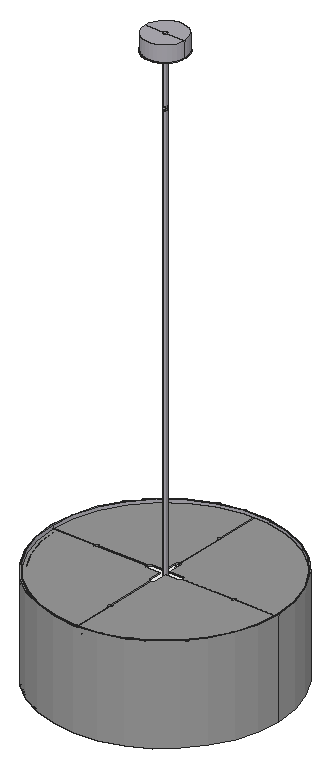
Revit family "Lighting - Lumetta - Pendant - EP53314", category Lighting Fixtures, host Ceiling, Revit 2015
Parameters
  EP53314 URL [instance] = "https://lumetta.com/luminaires/echo-33-pendant/"
  Wattage = 57.8378 W
  built-in parameter 1150110 = 1 (stored number, unit not read)
  URL = ""
  Type Comments = "Echo 33'' Pendant"  # constant formula
  built-in parameter 1114217 = 1 (stored number, unit not read)
  Top Lens-Material [instance] = Acrylic - 2447 - White
  Top Lens [instance] = yes
  built-in parameter 1150109 = 1 (stored number, unit not read)
  built-in parameter 1150134 = (empty or 0)
  Suspension [instance] = 2
  built-in parameter 1150113 = 1 (stored number, unit not read)
  Stem Hung-ALL Lamping [instance] = Suspension = 2  # yes
  STD-NON_DIM [instance] = not([3-4-LED])  # yes
  Light Source Symbol Size = 0' - 1"
  Echo Diffuser Material-Bottom [instance] = EP5331401 Shell - D792 Mystic - BTM
  Coupling-Stems Over 60 inches [instance] = and([Stem Hung-ALL Lamping], Fixture Drop > 5' 0")  # yes
  Model = "EP53314"  # constant formula
  Manufacturer = "Lumetta, Inc."  # constant formula
  Lumens = 6420 lm
  built-in parameter 1150115 = 1 (stored number, unit not read)
  built-in parameter 1150105 = 510.89 (stored number, unit not read)
  built-in parameter 1150137 = (empty or 0)
  built-in parameter 1150139 = (empty or 0)
  built-in parameter 1150112 = 1 (stored number, unit not read)
  built-in parameter 1150114 = 1 (stored number, unit not read)
  built-in parameter 1150132 = 2
  built-in parameter 1150102 = (empty or 0)
  built-in parameter 1150138 = (empty or 0)
  built-in parameter 1150107 = 3000 (stored number, unit not read)
  built-in parameter 1150106 = 5.1089 (stored number, unit not read)
  Frame Finish [instance] = Paint - Lumetta - F02 - PC_Chrome
  Fixture Drop [instance] = 5' - 10"
  built-in parameter 1150104 = 10.312 (stored number, unit not read)
  Dimming Lamp Color Temperature Shift = (empty or 0)
  Echo Diffuser Material-Side [instance] = EP5331401 Shell - D792 Mystic - Side
  Description = ""
  Cord [instance] = Suspension = 1  # no
  3-4-LED [instance] = and([3 or 4 Wire Dimming OR LED], Suspension = 1)  # no
  3 or 4 Wire Dimming OR LED [instance] = yes
  4 Cables [instance] = Suspension = 1  # no
  1CRD-4CBL-ALL Lamping [instance] = Suspension = 1  # no
  Cord Color [instance] = Cord, Black
  Color Filter = 16777215
  built-in parameter 1114218 = 1 (stored number, unit not read)
  built-in parameter 1150133 = 10 (stored number, unit not read)
Reference planes (in)
  plane 1 "Light Source Axis (F/B)": y = 0
  plane 2 "Ceiling": z = 96
  plane 3 "Light Source Axis (L/R)": x = 0
  plane 4 "Light Source Elevation": z = 23.5
  plane 5 "Fixture-Top": z = 26
  plane 6 "Fixture-Radius": x = 16.5
  plane 7 "Fixture-Height": z = 12
  plane 8: y = 0
Forms (in)
  Revolve 1, solid, material "Paint - Lumetta - F02 - PC_Chrome" <- "Frame Finish", visible <- "1CRD-4CBL-ALL Lamping"
    sketch origin (0, 0, 0) x (1, 0, 0) y (0, 0, 1)
      loop
        line (0, 96) -> (0, 95.4375) -> (3, 95.4375) -> (3, 95.5) -> (2.87509, 95.5) -> (2.87509, 96) -> (0, 96)
      axis (0, 96) -> (0, 95.4375)
    angle from 0 to 360
  Extrusion 2, void
    sketch origin (0, 0, 95.4375) x (0, -1, 0) y (1, 0, 0)
      loop
        circle (0, 0) r 0.25
      loop
        circle (0, 2.5) r 0.06274
      loop
        circle (-2.5, 0) r 0.06274
      loop
        circle (0, -2.5) r 0.06274
      loop
        circle (2.5, 0) r 0.06274
    from 0 to 0.06358
  Revolve 3, solid, material "Paint - Lumetta - F02 - PC_Chrome" <- "Frame Finish"
    sketch origin (0, 0, 0) x (1, 0, 0) y (0, 0, 1)
      loop
        line (16.5, 26) -> (16.375, 26) -> (16.375, 25.5) -> (15.875, 25.5) -> (15.875, 25.375) -> (16.5, 25.375) -> (16.5, 26)
      axis (0, 26) -> (0, 25.375)
    angle from 0 to 360
  Revolve 4, solid, material "EP5331401 Shell - D792 Mystic - Side" <- "Echo Diffuser Material-Side"
    sketch origin (0, 0, 0) x (1, 0, 0) y (0, 0, 1)
      loop
        line (16.5, 26) -> (16.5, 12) -> (16.56242, 12) -> (16.56242, 26) -> (16.5, 26)
      axis (0, 26) -> (0, 12)
    angle from 0 to 360
  Extrusion 5, solid, material "Paint - Lumetta - F02 - PC_Chrome" <- "Frame Finish", visible <- "Stem Hung-ALL Lamping"
    sketch origin (0, 0, 26) x (0, -1, 0) y (-1, 0, 0)
      loop
        circle (0, 0) r 0.25
    from 0.7592 to -70
  Revolve 6, solid, material "Paint - Lumetta - F02 - PC_Chrome" <- "Frame Finish", visible <- "Coupling-Stems Over 60 inches"
    sketch origin (0, 0, 0) x (1, 0, 0) y (0, 0, 1)
      loop
        line (0, 86.53023) -> (0, 86) -> (0.26233, 86)
        arc (0.26233, 86) -> (0.31307, 86.05074) -> (0.26233, 86.10149) r 0.05074
        arc (0.26233, 86.10149) -> (0.29304, 86.26499) -> (0.26243, 86.42851) r 0.45126
        arc (0.26243, 86.42851) -> (0.31329, 86.47937) -> (0.26243, 86.53023) r 0.05086
        line (0.26243, 86.53023) -> (0, 86.53023)
      axis (0, 86.53023) -> (0, 86)
    angle from 0 to 360
  Revolve 7, solid, material "Paint - Lumetta - F02 - PC_Chrome" <- "Frame Finish", visible <- "Stem Hung-ALL Lamping"
    sketch origin (0, 0, 0) x (1, 0, 0) y (0, 0, 1)
      loop
        line (0, 96) -> (0, 93.40625) -> (0.34988, 93.40625)
        arc (0.34988, 93.40625) -> (0.49124, 93.54417) -> (0.58115, 93.72) r 0.61026
        line (0.58115, 93.72) -> (3, 93.72) -> (3, 93.78) -> (2.875, 93.78) -> (2.875, 96) -> (0, 96)
      axis (0, 96) -> (0, 93.40625)
    angle from 0 to 360
  Extrusion 8, solid, material "Cord, Black" <- "Cord Color", visible <- "1CRD-4CBL-ALL Lamping"
    sketch origin (0, 0, 26) x (0, -1, 0) y (1, 0, 0)
      loop
        circle (0, 0) r 0.15674
    from -0.7592 to 70
  Sweep 9, solid, visible <- "1CRD-4CBL-ALL Lamping"
    path origin (0, 0, 0) x (1, 0, 0) y (0, 0, 1)
      loop
        line (2.5, 95.50108) -> (10, 25.2408)
    profile origin (6.25, 0, 60.37094) x (0.994351, 0, 0.106143) y (0, -1, 0)
      loop
        circle (0, 0) r 0.03083
  Revolve 10, solid, material "Paint - Lumetta - F02 - PC_Chrome" <- "Frame Finish", visible <- "STD-NON_DIM"
    sketch origin (0, 0, 0) x (1, 0, 0) y (0, 0, 1)
      loop
        line (0, 95.4375) -> (0, 94.87435) -> (0.28215, 94.87435) -> (0.37481, 95.4375) -> (0, 95.4375)
      axis (0, 95.4375) -> (0, 94.87435)
    angle from 0 to 360
  Revolve 11, solid, material "Paint - Lumetta - F02 - PC_Chrome" <- "Frame Finish", visible <- "3-4-LED"
    sketch origin (0, 0, 0) x (1, 0, 0) y (0, 0, 1)
      loop
        line (0, 95.4375) -> (0, 95.3765) -> (0.37481, 95.3765) -> (0.37481, 95.4375) -> (0, 95.4375)
      axis (0, 95.4375) -> (0, 95.3765)
    angle from 0 to 360
  Extrusion 12, solid, material "EP5331401 Shell - D792 Mystic - BTM" <- "Echo Diffuser Material-Bottom"
    sketch origin (0, 0, 12) x (0, -1, 0) y (1, 0, 0)
      loop
        circle (0, 0) r 16.5
    from 0 to 0.125
  Extrusion 13, solid, material "Paint - Lumetta - F02 - PC_Chrome" <- "Frame Finish"
    sketch origin (0, 0, 26) x (0, -1, 0) y (1, 0, 0)
      loop
        arc (-1, 14.25) -> (-0.92678, 14.07322) -> (-0.75, 14) r 0.25
        line (-0.75, 14) -> (0.75, 14)
        arc (0.75, 14) -> (0.92678, 14.07322) -> (1, 14.25) r 0.25
        line (1, 14.25) -> (1, 16.40625) -> (-1, 16.40625) -> (-1, 14.25)
      loop
        circle (0, 14.25) r 0.11004
      loop
        arc (-14.25, -1) -> (-14.07322, -0.92678) -> (-14, -0.75) r 0.25
        line (-14, -0.75) -> (-14, 0.75)
        arc (-14, 0.75) -> (-14.07322, 0.92678) -> (-14.25, 1) r 0.25
        line (-14.25, 1) -> (-16.40625, 1) -> (-16.40625, -1) -> (-14.25, -1)
      loop
        circle (-14.25, 0) r 0.11004
      loop
        arc (1, -14.25) -> (0.92678, -14.07322) -> (0.75, -14) r 0.25
        line (0.75, -14) -> (-0.75, -14)
        arc (-0.75, -14) -> (-0.92678, -14.07322) -> (-1, -14.25) r 0.25
        line (-1, -14.25) -> (-1, -16.40625) -> (1, -16.40625) -> (1, -14.25)
      loop
        circle (0, -14.25) r 0.11004
      loop
        arc (14.25, 1) -> (14.07322, 0.92678) -> (14, 0.75) r 0.25
        line (14, 0.75) -> (14, -0.75)
        arc (14, -0.75) -> (14.07322, -0.92678) -> (14.25, -1) r 0.25
        line (14.25, -1) -> (16.40625, -1) -> (16.40625, 1) -> (14.25, 1)
      loop
        circle (14.25, 0) r 0.11004
    from -0.7592 to -0.625
  Extrusion 14, solid, material "Opaque - White"
    sketch origin (0, 0, 26) x (0, -1, 0) y (1, 0, 0)
      loop
        circle (0, 0) r 0.25
      loop
        circle (-2.25, 0) r 0.25
      loop
        circle (2.25, 0) r 0.25
      loop
        line (-0.83, 0.83) -> (-15.375, 0.83)
        arc (-15.375, 0.83) -> (-15.55178, 0.75678) -> (-15.625, 0.58) r 0.25
        line (-15.625, 0.58) -> (-15.625, -0.58)
        arc (-15.625, -0.58) -> (-15.55178, -0.75678) -> (-15.375, -0.83) r 0.25
        line (-15.375, -0.83) -> (-0.83, -0.83) -> (-0.83, -15.375)
        arc (-0.83, -15.375) -> (-0.75678, -15.55178) -> (-0.58, -15.625) r 0.25
        line (-0.58, -15.625) -> (0.58, -15.625)
        arc (0.58, -15.625) -> (0.75678, -15.55178) -> (0.83, -15.375) r 0.25
        line (0.83, -15.375) -> (0.83, -0.83) -> (15.375, -0.83)
        arc (15.375, -0.83) -> (15.55178, -0.75678) -> (15.625, -0.58) r 0.25
        line (15.625, -0.58) -> (15.625, 0.58)
        arc (15.625, 0.58) -> (15.55178, 0.75678) -> (15.375, 0.83) r 0.25
        line (15.375, 0.83) -> (0.83, 0.83) -> (0.83, 15.375)
        arc (0.83, 15.375) -> (0.75678, 15.55178) -> (0.58, 15.625) r 0.25
        line (0.58, 15.625) -> (-0.58, 15.625)
        arc (-0.58, 15.625) -> (-0.75678, 15.55178) -> (-0.83, 15.375) r 0.25
        line (-0.83, 15.375) -> (-0.83, 0.83)
      loop
        circle (0, 10) r 0.14063
      loop
        circle (-10, 0) r 0.14063
      loop
        circle (0, -10) r 0.14063
      loop
        circle (10, 0) r 0.14063
    from -0.82463 to -0.7592
  Extrusion 15, solid, material "Acrylic - 2447 - White" <- "Top Lens-Material", visible <- "Top Lens"
    sketch origin (0, 0, 26) x (0, -1, 0) y (1, 0, 0)
      loop
        line (-16.34363, 0.0625) -> (-10.24206, 0.0625)
        arc (-10.24206, 0.0625) -> (-10, 0.25) -> (-9.75794, 0.0625) r 0.25
        line (-9.75794, 0.0625) -> (-2.63559, 0.0625)
        arc (-2.63559, 0.0625) -> (-2.50315, 0.29749) -> (-2.25, 0.39062) r 0.39063
        line (-2.25, 0.39062) -> (-0.39062, 0.39062) -> (-0.39063, 2.25)
        arc (-0.39063, 2.25) -> (-0.29749, 2.50315) -> (-0.0625, 2.63559) r 0.39063
        line (-0.0625, 2.63559) -> (-0.0625, 9.75794)
        arc (-0.0625, 9.75794) -> (-0.25, 10) -> (-0.0625, 10.24206) r 0.25
        line (-0.0625, 10.24206) -> (-0.0625, 16.34363)
        arc (-0.0625, 16.34363) -> (-11.55678, 11.55678) -> (-16.34363, 0.0625) r 16.34375
      loop
        line (-0.0625, -16.34363) -> (-0.0625, -10.24203)
        arc (-0.0625, -10.24203) -> (-0.25, -9.99997) -> (-0.0625, -9.75791) r 0.25
        line (-0.0625, -9.75791) -> (-0.0625, -2.63559)
        arc (-0.0625, -2.63559) -> (-0.29749, -2.50315) -> (-0.39062, -2.25) r 0.39063
        line (-0.39062, -2.25) -> (-0.39062, -0.39062) -> (-2.25, -0.39063)
        arc (-2.25, -0.39063) -> (-2.50315, -0.29749) -> (-2.63559, -0.0625) r 0.39063
        line (-2.63559, -0.0625) -> (-9.75794, -0.0625)
        arc (-9.75794, -0.0625) -> (-10, -0.25) -> (-10.24206, -0.0625) r 0.25
        line (-10.24206, -0.0625) -> (-16.34363, -0.0625)
        arc (-16.34363, -0.0625) -> (-11.55678, -11.55678) -> (-0.0625, -16.34363) r 16.34375
      loop
        line (16.34363, -0.0625) -> (10.24203, -0.0625)
        arc (10.24203, -0.0625) -> (9.99997, -0.25) -> (9.75791, -0.0625) r 0.25
        line (9.75791, -0.0625) -> (2.63559, -0.0625)
        arc (2.63559, -0.0625) -> (2.50315, -0.29749) -> (2.25, -0.39062) r 0.39063
        line (2.25, -0.39062) -> (0.39062, -0.39062) -> (0.39062, -2.25)
        arc (0.39062, -2.25) -> (0.29749, -2.50315) -> (0.0625, -2.63559) r 0.39063
        line (0.0625, -2.63559) -> (0.0625, -9.75791)
        arc (0.0625, -9.75791) -> (0.25, -9.99997) -> (0.0625, -10.24203) r 0.25
        line (0.0625, -10.24203) -> (0.0625, -16.34363)
        arc (0.0625, -16.34363) -> (11.55678, -11.55678) -> (16.34363, -0.0625) r 16.34375
      loop
        line (0.0625, 16.34363) -> (0.0625, 10.24206)
        arc (0.0625, 10.24206) -> (0.25, 10) -> (0.0625, 9.75794) r 0.25
        line (0.0625, 9.75794) -> (0.0625, 2.63559)
        arc (0.0625, 2.63559) -> (0.29749, 2.50315) -> (0.39062, 2.25) r 0.39063
        line (0.39062, 2.25) -> (0.39062, 0.39063) -> (2.25, 0.39062)
        arc (2.25, 0.39062) -> (2.50315, 0.29749) -> (2.63559, 0.0625) r 0.39063
        line (2.63559, 0.0625) -> (9.75791, 0.0625)
        arc (9.75791, 0.0625) -> (9.99997, 0.25) -> (10.24203, 0.0625) r 0.25
        line (10.24203, 0.0625) -> (16.34363, 0.0625)
        arc (16.34363, 0.0625) -> (11.55678, 11.55678) -> (0.0625, 16.34363) r 16.34375
    from -0.5 to -0.36053
  Sweep 16, solid, visible <- "1CRD-4CBL-ALL Lamping"
    path origin (0, 0, 0) x (0, 1, 0) y (0, 0, 1)
      loop
        line (2.5, 95.50108) -> (10, 25.2408)
    profile origin (0, 6.25, 60.37094) x (0, 0.994351, 0.106143) y (1, 0, 0)
      loop
        circle (0, 0) r 0.03083
  Sweep 17, solid, visible <- "1CRD-4CBL-ALL Lamping"
    path origin (0, 0, 0) x (-1, 0, 0) y (0, 0, 1)
      loop
        line (2.5, 95.50108) -> (10, 25.2408)
    profile origin (-6.25, 0, 60.37094) x (-0.994351, 0, 0.106143) y (0, 1, 0)
      loop
        circle (0, 0) r 0.03083
  Sweep 18, solid, visible <- "1CRD-4CBL-ALL Lamping"
    path origin (0, 0, 0) x (0, -1, 0) y (0, 0, 1)
      loop
        line (2.5, 95.50108) -> (10, 25.2408)
    profile origin (0, -6.25, 60.37094) x (0, -0.994351, 0.106143) y (-1, 0, 0)
      loop
        circle (0, 0) r 0.03083
Dimensions and locks (in)
  equal spacing: host sketch curve, plane 3 "Light Source Axis (L/R)", host sketch curve
  equal spacing: host sketch curve, plane 1 "Light Source Axis (F/B)", host sketch curve
  host sketch curve to host sketch curve = 10' - 0"  (x2)
  "Fixture Drop": plane 2 "Ceiling" to plane 5 "Fixture-Top"
  locked: plane 5 "Fixture-Top" to plane 4 "Light Source Elevation" at 2.5
  locked: plane 6 "Fixture-Radius" to plane 3 "Light Source Axis (L/R)" at 16.5
  locked: plane 5 "Fixture-Top" to plane 7 "Fixture-Height" at 14
  locked: Extrusion 2 sketch curve to Extrusion 2 sketch curve at 2.5
  locked: plane 6 "Fixture-Radius" to Revolve 3 sketch curve at 0.125
  locked: Revolve 4 sketch curve to plane 6 "Fixture-Radius" at 0.06242
  locked: Extrusion 5 sketch curve to imposter light
  locked: Extrusion 5 sketch curve to imposter light at 0
  Revolve 6 sketch curve to Revolve 6 sketch curve = 0' - 0.15822"
  locked: Revolve 6 sketch curve to Revolve 4 at 60
  locked: Revolve 6 sketch curve to Revolve 6 sketch curve at 0.53023
  locked: Revolve 6 sketch curve to Revolve 6 sketch curve at 0.26243
  locked: Revolve 6 sketch curve to Revolve 6 sketch curve at 0.26233
  locked: Revolve 6 sketch curve to Revolve 6 sketch curve at 0.05074
  locked: Revolve 6 sketch curve to Revolve 6 sketch curve at 0.47937
  locked: Revolve 6 sketch curve to Revolve 6 sketch curve at 0.26512
  locked: Revolve 7 sketch curve to Revolve 7 sketch curve at 2.875
  locked: Revolve 7 sketch curve to Revolve 7 sketch curve at 0.31375
  locked: plane 6 "Fixture-Radius" to Revolve 3 sketch curve at 0.625
  locked: Revolve 1 sketch curve to Revolve 1 sketch curve at 0.0625
  locked: host ceiling to Revolve 1 sketch curve at 0.5625
  locked: Revolve 1 sketch curve to Revolve 1 sketch curve at 0.5625
  Revolve 1 sketch curve to Revolve 1 sketch curve = 0' - 2.87509"
  locked: Revolve 1 sketch curve to Revolve 1 sketch curve at 3
  locked: Revolve 1 sketch curve to Revolve 1 sketch curve at 2.87509
  locked: Revolve 10 sketch curve to Revolve 10 sketch curve at 0.37481
  locked: Revolve 10 sketch curve to Revolve 10 sketch curve at 0.28215
  locked: Revolve 1 to Revolve 10 sketch curve at 0.56315
  locked: Revolve 1 to Revolve 11 sketch curve at 0.061
  locked: plane 3 "Light Source Axis (L/R)" to Revolve 11 sketch curve at 0.37481
  locked: plane 5 "Fixture-Top" to Revolve 3 sketch curve at 0.625
  locked: Revolve 3 sketch curve to plane 6 "Fixture-Radius" at 0
  plane 6 "Fixture-Radius" to Revolve 3 sketch curve = 0' - 0 1/8"
  locked: Extrusion 2 sketch curve to plane 3 "Light Source Axis (L/R)" at 2.5
  locked: plane 8 to Extrusion 2 sketch curve at 2.5
  locked: Extrusion 2 sketch curve to plane 8 at 2.5
  locked: Extrusion 12 sketch curve to plane 6 "Fixture-Radius" at 16.5
  locked: Revolve 4 to plane 7 "Fixture-Height" at 0
  locked: Extrusion 12 to plane 7 "Fixture-Height" at 0.125
  locked: Extrusion 13 sketch curve to plane 6 "Fixture-Radius" at 0.09375
  locked: Extrusion 13 sketch curve to Extrusion 13 sketch curve at 2.40625  (x4)
  locked: plane 8 to Extrusion 13 sketch curve at 1
  locked: Extrusion 13 sketch curve to Extrusion 13 sketch curve at 2  (x4)
  Extrusion 13 sketch curve to Extrusion 13 sketch curve = 0' - 0 1/4"
  locked: Extrusion 13 sketch curve to plane 8 at 0
  locked: Revolve 3 to Extrusion 13 at 0.1342
  locked: Extrusion 14 sketch curve to plane 8 at 2.25
  locked: plane 8 to Extrusion 14 sketch curve at 2.25
  locked: Extrusion 14 sketch curve to plane 3 "Light Source Axis (L/R)" at 0  (x2)
  locked: plane 8 to Extrusion 14 sketch curve at 0.83  (x2)
  locked: Extrusion 14 sketch curve to Extrusion 14 sketch curve at 1.66  (x4)
  locked: plane 3 "Light Source Axis (L/R)" to Extrusion 14 sketch curve at 0.83
  locked: Extrusion 14 sketch curve to plane 3 "Light Source Axis (L/R)" at 0.83
  plane 3 "Light Source Axis (L/R)" to Extrusion 14 sketch curve = 1' - 3 5/8"
  Extrusion 14 sketch curve to plane 3 "Light Source Axis (L/R)" = 1' - 3 5/8"
  plane 8 to Extrusion 14 sketch curve = 1' - 3 5/8"  (x2)
  locked: Extrusion 14 sketch curve to plane 8 at 0
  locked: plane 3 "Light Source Axis (L/R)" to Extrusion 14 sketch curve at 10
  locked: Extrusion 13 to Extrusion 14 at 0.06543
  locked: Extrusion 15 sketch curve to plane 3 "Light Source Axis (L/R)" at 0
  locked: Extrusion 15 sketch curve to plane 8 at 0
  locked: Extrusion 15 sketch curve to plane 8 at 2.25
  locked: plane 3 "Light Source Axis (L/R)" to Extrusion 15 sketch curve at 2.25
  locked: plane 3 "Light Source Axis (L/R)" to Extrusion 15 sketch curve at 0.0625
  locked: plane 8 to Extrusion 15 sketch curve at 0.0625
  plane 3 "Light Source Axis (L/R)" to Extrusion 15 sketch curve = 0' - 10"  (x2)
  locked: Extrusion 15 sketch curve to plane 8 at 10  (x2)
  locked: Extrusion 15 to Extrusion 15 at 0.13947
  locked: plane 8 to Extrusion 14 sketch curve at 10
  locked: Extrusion 14 sketch curve to plane 8 at 10
  locked: Extrusion 14 sketch curve to plane 3 "Light Source Axis (L/R)" at 10
  Extrusion 15 sketch curve to plane 8 = 0' - 10"
  locked: plane 3 "Light Source Axis (L/R)" to Extrusion 15 sketch curve at 10
  locked: plane 8 to Extrusion 15 sketch curve at 9.99997  (x2)
  locked: Extrusion 15 sketch curve to plane 3 "Light Source Axis (L/R)" at 9.99997
  locked: Extrusion 12 sketch curve to Extrusion 12 sketch curve (radius 1' - 4 1/2")
  locked: Extrusion 15 sketch curve to Extrusion 15 sketch curve (radius 1' - 4 11/32")  (x3)
  aligned and locked: plane 3 "Light Source Axis (L/R)" to imposter light
  aligned and locked: plane 1 "Light Source Axis (F/B)" to imposter light
  aligned and locked: plane 4 "Light Source Elevation" to imposter light
  aligned and locked: Revolve 4 sketch curve to plane 3 "Light Source Axis (L/R)"
  aligned and locked: Revolve 6 sketch curve to Revolve 6 sketch curve  (x2)
  aligned and locked: host ceiling to Extrusion 5
  aligned and locked: host ceiling to Extrusion 8
  aligned and locked: Revolve 3 to Extrusion 13
  aligned and locked: Extrusion 14 to Extrusion 13
  aligned and locked: Extrusion 14 to Sweep 9 sketch curve
  aligned and locked: Extrusion 5 to Extrusion 14
  aligned and locked: Extrusion 8 to Extrusion 14
  aligned and locked: Extrusion 15 to Revolve 3
Automatic sketch dimensions
  Revolve 4 sketch curve to plane 6 "Fixture-Radius" = 0' - 0"
  Revolve 4 sketch curve to plane 7 "Fixture-Height" = 0' - 0"
  Revolve 4 sketch curve to plane 5 "Fixture-Top" = 0' - 0"
  plane 7 "Fixture-Height" to Revolve 4 sketch curve = 0' - 1 1/4"
  Revolve 4 sketch curve to plane 5 "Fixture-Top" = 0' - 2 1/4"
  Revolve 6 sketch curve to plane 3 "Light Source Axis (L/R)" = 0' - 0"
  Revolve 6 sketch curve to Revolve 6 sketch curve = 0' - 11.34317"
  Revolve 7 sketch curve to plane 3 "Light Source Axis (L/R)" = 0' - 0"  (x3)
  Revolve 7 sketch curve to plane 2 "Ceiling" = 0' - 0"
  plane 3 "Light Source Axis (L/R)" to Revolve 7 sketch curve = 0' - 0.34988"
  Revolve 7 sketch curve to Revolve 7 sketch curve = 0' - 0.23126"
  Revolve 7 sketch curve to Revolve 7 sketch curve = 0' - 0 1/8"
  Revolve 7 sketch curve to plane 2 "Ceiling" = 0' - 2 3/32"
  Revolve 7 sketch curve to Revolve 7 sketch curve = 0' - 0.06"
  plane 2 "Ceiling" to Revolve 7 sketch curve = 0' - 1 3/4"
  Revolve 7 sketch curve to Revolve 7 sketch curve = 0' - 2 1/2"
  plane 1 "Light Source Axis (F/B)" to Extrusion 8 sketch curve = 0' - 0"
  Extrusion 8 sketch curve to plane 3 "Light Source Axis (L/R)" = 0' - 0"
  Revolve 3 sketch curve to plane 3 "Light Source Axis (L/R)" = 0' - 0"
  Revolve 3 sketch curve to plane 5 "Fixture-Top" = 0' - 0"
  Revolve 3 sketch curve to level = 0' - 10"
  Revolve 3 sketch curve to plane 2 "Ceiling" = 0' - 1"
  Sweep 9 sketch curve to plane 1 "Light Source Axis (F/B)" = 0' - 0"
  Sweep 9 sketch curve to profile plane = 0' - 0"
  Revolve 1 sketch curve to plane 3 "Light Source Axis (L/R)" = 0' - 0"  (x2)
  Revolve 1 sketch curve to plane 5 "Fixture-Top" = 0' - 1 1/4"
  Revolve 1 sketch curve to Revolve 1 sketch curve = 0' - 9 3/4"
  Revolve 10 sketch curve to plane 3 "Light Source Axis (L/R)" = 0' - 0"  (x2)
  Revolve 10 sketch curve to plane 2 "Ceiling" = 0' - 0 9/16"
  Revolve 10 sketch curve to Revolve 10 sketch curve = 0' - 1.18685"
  plane 2 "Ceiling" to Revolve 10 sketch curve = 0' - 6 11/16"
  Revolve 11 sketch curve to plane 3 "Light Source Axis (L/R)" = 0' - 0"  (x2)
  Revolve 11 sketch curve to Revolve 11 sketch curve = 0' - 0.061"
  Revolve 11 sketch curve to Revolve 11 sketch curve = 0' - 0.82606"
  Revolve 11 sketch curve to plane 2 "Ceiling" = 0' - 0 1/4"
  Revolve 3 sketch curve to Revolve 3 sketch curve = 0' - 0 1/8"
  Extrusion 2 sketch curve to Revolve 1 = 0' - 0"  (x3)
  Extrusion 2 sketch curve to Extrusion 2 sketch curve = 0' - 0"  (x2)
  Extrusion 2 sketch curve to Extrusion 2 sketch curve = 0' - 2 1/2"
  plane 1 "Light Source Axis (F/B)" to Extrusion 12 sketch curve = 0' - 0"
  Extrusion 14 sketch curve to plane 3 "Light Source Axis (L/R)" = 0' - 0"  (x3)
  plane 1 "Light Source Axis (F/B)" to Extrusion 14 sketch curve = 0' - 0"  (x2)
  Extrusion 14 sketch curve to Extrusion 14 sketch curve = 0' - 0 1/4"  (x8)
  Sweep 9 sketch curve to plane 2 "Ceiling" = 0' - 0.49892"
  plane 3 "Light Source Axis (L/R)" to Sweep 9 sketch curve = 0' - 2 1/2"
  Sweep 9 sketch curve to plane 6 "Fixture-Radius" = 0' - 6 1/2"
  Extrusion 15 sketch curve to Extrusion 15 sketch curve = 0' - 0"  (x27)
  plane 1 "Light Source Axis (F/B)" to Extrusion 15 sketch curve = 0' - 0"  (x4)
  Extrusion 15 sketch curve to plane 3 "Light Source Axis (L/R)" = 0' - 0"  (x4)
  Extrusion 15 sketch curve to Extrusion 15 sketch curve = 0' - 0.24206"  (x5)
  Extrusion 15 sketch curve to plane 3 "Light Source Axis (L/R)" = 0' - 0 1/16"  (x2)
  plane 3 "Light Source Axis (L/R)" to Extrusion 15 sketch curve = 0' - 0 1/16"  (x3)
  Extrusion 15 sketch curve to Extrusion 15 sketch curve = 0' - 0.38559"
  Extrusion 15 sketch curve to plane 1 "Light Source Axis (F/B)" = 0' - 0 25/64"  (x2)
  Extrusion 15 sketch curve to plane 1 "Light Source Axis (F/B)" = 0' - 0 1/16"  (x3)
  plane 1 "Light Source Axis (F/B)" to Extrusion 15 sketch curve = 0' - 0 1/16"  (x4)
  Extrusion 15 sketch curve to Extrusion 15 sketch curve = 0' - 0 25/64"  (x2)
  plane 3 "Light Source Axis (L/R)" to Extrusion 15 sketch curve = 0' - 0 25/64"
  Extrusion 15 sketch curve to Extrusion 15 sketch curve = 0' - 1 55/64"
  Extrusion 15 sketch curve to Extrusion 15 sketch curve = 0' - 2.24497"
  Extrusion 13 sketch curve to plane 3 "Light Source Axis (L/R)" = 0' - 0"  (x2)
  plane 1 "Light Source Axis (F/B)" to Extrusion 13 sketch curve = 0' - 0"
  Extrusion 13 sketch curve to plane 1 "Light Source Axis (F/B)" = 0' - 1"
  Extrusion 13 sketch curve to plane 3 "Light Source Axis (L/R)" = 0' - 0 3/4"  (x2)
  Extrusion 13 sketch curve to plane 1 "Light Source Axis (F/B)" = 1' - 2"
  Extrusion 13 sketch curve to Extrusion 13 sketch curve = 0' - 0 1/4"  (x8)
  Extrusion 13 sketch curve to Extrusion 13 sketch curve = 0' - 0"  (x3)
  plane 1 "Light Source Axis (F/B)" to Extrusion 13 sketch curve = 1' - 2"
  Extrusion 13 sketch curve to plane 3 "Light Source Axis (L/R)" = 1' - 2"
  Sweep 16 sketch curve to plane 2 "Ceiling" = 0' - 0.49892"
  Sweep 16 sketch curve to plane 1 "Light Source Axis (F/B)" = 0' - 2 1/2"
  plane 5 "Fixture-Top" to Sweep 16 sketch curve = 0' - 0.7592"
  Sweep 16 sketch curve to plane 1 "Light Source Axis (F/B)" = 0' - 10"
  Sweep 16 sketch curve to profile plane = 0' - 0"  (x2)
  Sweep 17 sketch curve to plane 2 "Ceiling" = 0' - 0.49892"
  Sweep 17 sketch curve to plane 3 "Light Source Axis (L/R)" = 0' - 2 1/2"
  plane 5 "Fixture-Top" to Sweep 17 sketch curve = 0' - 0.7592"
  Sweep 17 sketch curve to plane 3 "Light Source Axis (L/R)" = 0' - 10"
  Sweep 17 sketch curve to profile plane = 0' - 0"
  profile plane to Sweep 17 sketch curve = 0' - 0"
  Sweep 18 sketch curve to plane 2 "Ceiling" = 0' - 0.49892"
  plane 1 "Light Source Axis (F/B)" to Sweep 18 sketch curve = 0' - 2 1/2"
  plane 5 "Fixture-Top" to Sweep 18 sketch curve = 0' - 0.7592"
  plane 1 "Light Source Axis (F/B)" to Sweep 18 sketch curve = 0' - 10"
  profile plane to Sweep 18 sketch curve = 0' - 0"
  Sweep 18 sketch curve to profile plane = 0' - 0"
  radius of Extrusion 5 sketch curve = 0' - 0 1/4"
  radius of Extrusion 8 sketch curve = 0' - 0.15674"
  radius of Sweep 9 sketch curve = 0' - 0.03083"
  radius of Extrusion 2 sketch curve = 0' - 0.06274"  (x4)
  radius of Extrusion 2 sketch curve = 0' - 0 1/4"
  radius of Extrusion 14 sketch curve = 0' - 0 1/4"  (x3)
  radius of Extrusion 14 sketch curve = 0' - 0 9/64"  (x4)
  radius of Extrusion 13 sketch curve = 0' - 0.11004"  (x4)
  radius of Sweep 16 sketch curve = 0' - 0.03083"
  radius of Sweep 17 sketch curve = 0' - 0.03083"
  radius of Sweep 18 sketch curve = 0' - 0.03083"
